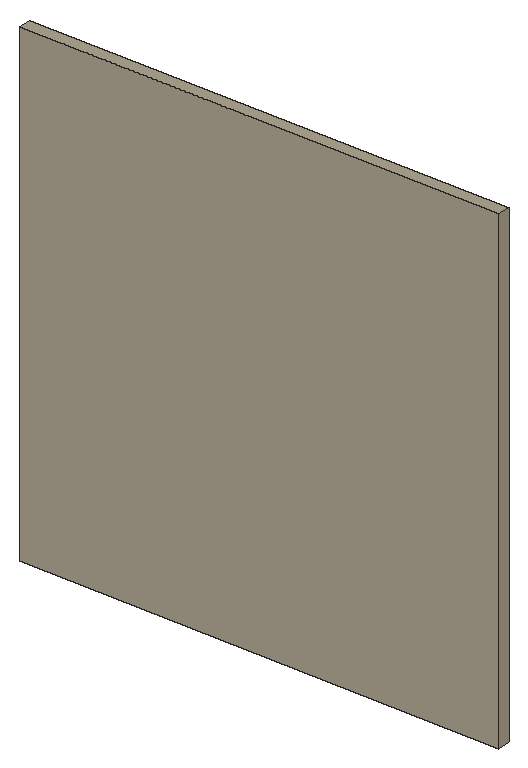
Revit family "Accessory-Teknion-EMWT_Thought_Board_Tackable-R20161", category Furniture, Revit 2016
Family settings
  OmniClass Number = 23.40.20.00
  OmniClass Title = General Furniture and Specialties
  Work Plane-Based = No
  Always vertical = Yes
  Cut with Voids When Loaded = No
  Shared = Yes
  Room Calculation Point = No
Parameters (values of type "Thought Board, Tackable")
  Width [instance] = 29.000"
  Warranty = "http://www.teknion.com/ca/papers/legal-canada"
  Unit Weight URL = "http://www.teknion.com/ca/tools/assets#&asset=bee6a381-b954-425e-8283-5a2de3a804f2,f828d448-4b62-4231-9e5f-9a8991c0ed77"
  URL = "www.teknion.com"
  To render, please download texture images found here [instance] = "https://assets.teknion.com/web/5e81352c1dfdb467/revit-material-swatches/"
  Sustainability Data = "https://www.teknion.com/ca/tools/assets#&topic=216f99a5-57a0-44fc-b10a-9dee9b29ae4c&asset=444deb64-fe58-4b68-981e-f75e97781df7,b4ff2d81-9f2e-437d-9659-7cffb09c31cf"
  Series = "Emote"
  Product Page URL = "https://www.teknion.com/ca/products/product-details?productLineId=df54fb6e-8e7a-673b-a6c8-ff05004460c4"
  Product Line = "Emote"
  Product Documentation Link = "https://assets.teknion.com/m/e60fdd6154307a7/original/Emote-Sell-Sheet.pdf"
  Part Number = "EMWT"
  Panel Fabric Finish [instance] = Fabric - Teknion - B640 - Beeline - Dash
  Model = "EMWT__"
  Manufacturer Phone = "416-661-3370"  # constant formula
  Manufacturer Fax = "416.661.4586"  # constant formula
  Manufacturer Contact Information = "http://www.teknion.com/ca/contactus"
  Manufacturer Address = "1150 Flint Road, Toronto, ON. M3J 2J5. Canada"  # constant formula
  Manufacturer = "Teknion"  # constant formula
  How To Use Teknion Materials User Guide [instance] = "https://assets.teknion.com/m/205dd0a49fa58060/original/How-to-add-a-Material-Library-and-Texture-Images-to-your-Revit-project.pdf"
  Height offset from the ground [instance] = 36.000"
  Height [instance] = 29.000"
  For Additional Finishes, please visit [instance] = "https://assets.teknion.com/m/44a8009b046e5d47/original/Teknion_Materials_Library.zip"
  Description = "Thought Board, Tackable"
  Available Widths [instance] = "14.5, 29, 36, 42, 48 inches."  # constant formula
  Available Heights [instance] = if(not(or(Width = 36.000", Width = 42.000", Width = 48.000")), "14.5 or 29 inches.", "14.5 inches.")  # "14.5 or 29 inches."
  Assembly Code = "E2020200"
Reference planes (in)
  plane 1 "Center Front/Back": y = 0.09873
  plane 2: z = 0
  plane 3 "Center Left/Right": x = -0.44953
  plane 4 "Left": x = -14.94953
  plane 5 "Right": x = 14.05047
  plane 6 "Back": y = 0.47373
  plane 7 "Front": y = -0.27627
  plane 8 "Top": z = 65
  plane 9: z = 36
Forms (in)
  Sweep 1, solid, material "Fabric - Teknion - B640 - Beeline - Dash" <- "Panel Fabric Finish"
    path origin (0, 0.09873, 0) x (1, 0, 0) y (0, 0, 1)
      loop
        line (-0.44953, 36) -> (-0.44953, 65)
    profile origin (-0.44953, 0.09873, 50.5) x (-1, 0, 0) y (0, -1, 0)
      loop
        line (14.5, -0.375) -> (14.5, 0.375) -> (-14.5, 0.375) -> (-14.5, -0.375) -> (14.5, -0.375)
Lines and regions (in)
  Masking region 1
    outline origin (0, 0, 0) x (1, 0, 0) y (0, 1, 0)
      loop
        line (-14.94953, 0.47373) -> (-14.94953, -0.27627) -> (14.05047, -0.27627) -> (14.05047, 0.47373) -> (-14.94953, 0.47373)
Dimensions and locks (in)
  "Width": plane 4 "Left" to plane 5 "Right"
  equal spacing: plane 6 "Back", plane 1 "Center Front/Back", plane 7 "Front", locked at 0.375 each
  "Height offset from the ground": plane 9 to level
  "Height": plane 8 "Top" to plane 9
  equal spacing: plane 4 "Left", plane 3 "Center Left/Right", plane 5 "Right"
  aligned and locked: level to plane 2
  aligned and locked: plane 8 "Top" to Sweep 1 sketch curve
  aligned and locked: plane 9 to Sweep 1 sketch curve
  aligned and locked: plane 3 "Center Left/Right" to Sweep 1 sketch curve
  aligned and locked: Sweep 1 sketch curve to plane 6 "Back"
  aligned and locked: plane 4 "Left" to Sweep 1 sketch curve
  aligned and locked: Sweep 1 sketch curve to plane 5 "Right"
  aligned and locked: Masking region 1 sketch curve to plane 6 "Back"
  aligned and locked: Masking region 1 sketch curve to plane 4 "Left"
  aligned and locked: Masking region 1 sketch curve to plane 7 "Front"
  aligned and locked: Masking region 1 sketch curve to plane 5 "Right"
  aligned and locked: Sweep 1 sketch curve to plane 7 "Front"
